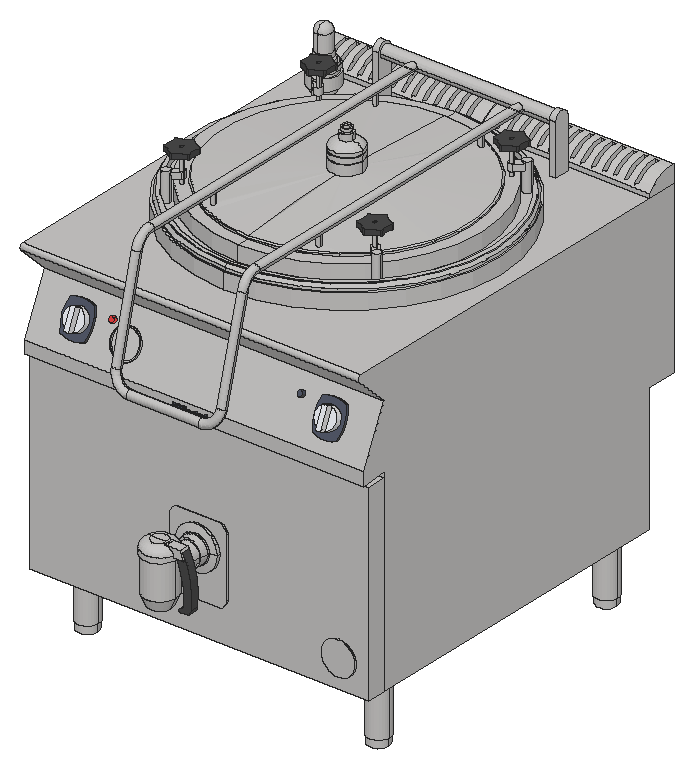
Revit family "QF_ELECTROLUXPROFESSIONAL_391108_E9BSGHDRFC", category Specialty Equipment, Revit 2018
Family settings
  Round Connector Dimension = Use Diameter
  Part Type = Normal
  Work Plane-Based = No
  Always vertical = Yes
  Cut with Voids When Loaded = No
  Shared = No
  Room Calculation Point = No
Parameters
  Width = 800 mm  # constant formula
  Weight in Pounds = 145  # constant formula
  Watts = 0 W
  Waste Water Discharge Temperature [instance] = -459.67 °F
  Volts = 230 V  # constant formula
  URL Cutsheet = "www.electrolux.com"
  URL = "www.electrolux.com"
  Type Mark [instance] = ""
  Status [instance] = ""
  Specification by User [instance] = ""
  Specification by Manufacturer = ""
  Show Logo [instance] = yes
  Show Clearance [instance] = yes
  Serial Number = ""
  Seismic Rating = ""
  SMACNA No = ""
  Revision Code [instance] = ""
  Plumbing Remarks [instance] = ""
  Plumbing Connection Type [instance] = ""
  Phase = 1
  Omniclass Number and Title = ""
  Number of Poles [instance] = 1
  NAFEM Spec ID Number = ""
  Model = "391108"
  Min Ckt Ampacity = 0 A
  Mechanical Remarks [instance] = ""
  Mechanical Connection Type [instance] = ""
  Max Overcurrent Protection = 0 A
  Masterspec = ""
  Manufacturer = "ELECTROLUX"
  Item Number [instance] = ""
  Installed By [instance] = ""
  Indirect Waste Size = 1"
  Indirect Waste Flow [instance] = 0 GPM
  Indirect Waste Connection Type [instance] = ""
  Indirect Waste Connection Height = 0 mm
  Identify Quantity as Lot [instance] = yes
  Hot Water Temperature [instance] = -459.67 °F
  Hot Water Size = 3/4"
  Hot Water RI Height [instance] = 0 mm
  Hot Water Minimum Pressure = 0.00 psi
  Hot Water Maximum Pressure = 0.00 psi
  Hot Water Flow [instance] = 0 GPM
  Hot Water Consumption = 0 GPM
  Hot Water Connection Height = 0 mm
  Height = 850 mm  # constant formula
  HP = "0.1 HP"
  Gas Size = 12.7 mm  # 1/2"
  Gas RI Height [instance] = 0 mm
  Gas KW = 24  # constant formula
  Gas Input = 23977.9 VA  # 81816.0 Btu/h
  Gas Connection Height = 0 mm
  Furnished By [instance] = ""
  Foodservice Equipment Identifier [instance] = yes
  FL Amps = if(Phase = 3, Watts / (Volts * 1.73), Watts / Volts)  # 0 A
  Electrical Remarks [instance] = "230 V/1N ph/50/60 Hz"  # constant formula
  Electric Connection Type [instance] = ""
  Elec Conn RI Height [instance] = 0 mm
  Elec Conn Connection Height [instance] = 0 mm
  Direct Waste Size = 0"
  Description = "900XP GAS CYLINDIRCAL BOILING PAN 150LT DIRECT HEAT AND AUTOCLAVE- 230 V"
  Depth = 930 mm  # constant formula
  Cycle [instance] = if([60 Hertz Option], 60 Hz, 50 Hz)  # 60 Hz
  Conn Plug = ""
  Conn Conduit = yes
  Cold Water Temperature Recommended [instance] = -459.67 °F
  Cold Water Size = 3/4"
  Cold Water RI Height [instance] = 0 mm
  Cold Water Minimum Pressure = 0.00 psi
  Cold Water Maximum Pressure = 0.00 psi
  Cold Water Flow [instance] = 0 GPM
  Cold Water Consumption = ""
  Cold Water Connection Height = 0 mm
  CSI MasterFormat = ""
  CSI Master Format = ""
  Assembly Code = ""
  Apparent Power = if(Phase = 3, Volts * FL Amps * 1.73, Volts * FL Amps)  # 0 VA
  60 Hertz Option [instance] = not([50 Hertz Option])  # yes
  50 Hertz Option [instance] = no
Reference planes
  plane 1 "BACK": y = 0
  plane 2: z = 0
  plane 3 "LEFT": x = 0
  plane 4 "RIGHT": x = 800
  plane 5 "FRONT": y = -930
  plane 6 "TOP": z = 850
  plane 7 "Center Y": x = 400
  plane 8 "Center X": y = -465
  plane 9 "Base": z = 150
  plane 10: y = -1017
  plane 11: z = 1786
  plane 12: x = 56
  plane 13: x = 744
  plane 14: x = 746
  plane 15: x = 729
  plane 16: x = 46
  plane 17: x = 151.01
  plane 18: x = 648.99
  plane 19: y = -127
  plane 20: y = -801
Forms (mm)
  Revolve 1, solid, material "QF_Finishes_Stainless Steel"
    sketch origin (1, -127, 0) x (1, 0, 0) y (0, 0, 1)
      loop
        line (55, 0) -> (55, 150) -> (28.6, 150) -> (28.6, 19.05) -> (31.1, 19.05) -> (31.1, 0) -> (55, 0)
      axis (55, 0) -> (55, 150)
    angle from 0 to 360
  Revolve 2, solid, material "QF_Finishes_Stainless Steel"
    sketch origin (1, -801, 0) x (1, 0, 0) y (0, 0, 1)
      loop
        line (55, 0) -> (55, 150) -> (28.6, 150) -> (28.6, 19.05) -> (31.1, 19.05) -> (31.1, 0) -> (55, 0)
      axis (55, 0) -> (55, 150)
    angle from 0 to 360
  Extrusion 3, solid, material "QF_Finishes_Stainless Steel"
    sketch origin (0, 0, 576.213) x (0, 1, 0) y (0, 0, 1)
      loop
        line (0, -127.212) -> (0, 273.787) -> (-922.342, 273.787)
        arc (-922.342, 273.787) -> (-929.417, 269.06) -> (-927.757, 260.714) r 7.658
        line (-927.757, 260.714) -> (-856.613, 190.57) -> (-915.31, 65.214) -> (-915.31, 33.916) -> (-855.186, 38.612)
        arc (-855.186, 38.612) -> (-852.661, 37.864) -> (-851.569, 35.468) r 3.175
        line (-851.569, 35.468) -> (-851.569, -426.212) -> (-72, -426.212) -> (-72, -127.212) -> (0, -127.212)
      loop
        line (-901, 25.858) -> (-901, -426.212) -> (-854.744, -426.212) -> (-854.744, 25.858) -> (-901, 25.858)
    from 0 to 800
  Extrusion 4, solid, material "QF_Finishes_Stainless Steel"
    sketch origin (0, -901, 557.071) x (0, 0, 1) y (-1, 0, 0)
      loop
        arc (-150.774, -353.125) -> (-156.632, -338.983) -> (-170.774, -333.125) r 20
        line (-170.774, -333.125) -> (-310.774, -333.125)
        arc (-310.774, -333.125) -> (-324.916, -338.983) -> (-330.774, -353.125) r 20
        line (-330.774, -353.125) -> (-330.774, -446.875)
        arc (-330.774, -446.875) -> (-324.916, -461.017) -> (-310.774, -466.875) r 20
        line (-310.774, -466.875) -> (-170.774, -466.875)
        arc (-170.774, -466.875) -> (-156.632, -461.017) -> (-150.774, -446.875) r 20
        line (-150.774, -446.875) -> (-150.774, -353.125)
    from 0 to 3.2
  Revolve 5, solid, material "QF_Finishes_Stainless Steel"
    sketch origin (50, -127.411, 338.218) x (1, 0, 0) y (0, 1, 0)
      loop
        line (350, -776.789) -> (350, -866.845) -> (377.31, -866.845) -> (377.31, -807.326) -> (381.52, -807.326) -> (381.52, -788.802) -> (383.56, -788.802) -> (383.56, -785.903) -> (400.479, -782.307) -> (400.479, -776.789) -> (350, -776.789)
      axis (350, -866.845) -> (350, -776.789)
    angle from 0 to 360
  Extrusion 6, solid, material "QF_Finishes_Stainless Steel"
    sketch origin (0, -901, 557.071) x (0, 0, 1) y (-1, 0, 0)
      loop
        circle (-340.2, -729.973) r 40
      loop
        circle (-280.2, -284.973) r 20
    from 0 to 1.6
  Extrusion 7, solid, material "QF_Finishes_Navy Blue"
    sketch origin (-437.256, -913.119, 646.186) x (0, 0.418102, 0.9084) y (-1, 0, 0)
      loop
        arc (102.623, -510.47) -> (67.041, -502.846) -> (31.333, -509.853) r 90.5
        arc (31.333, -509.853) -> (24.507, -539.04) -> (31.333, -568.228) r 65.817
        arc (31.333, -568.228) -> (67.048, -575.112) -> (102.64, -567.615) r 91.99
        arc (102.64, -567.615) -> (109.186, -539.041) -> (102.623, -510.47) r 65.554
      loop
        arc (102.623, -1164.043) -> (109.179, -1135.47) -> (102.623, -1106.897) r 65.546
        arc (102.623, -1106.897) -> (67.04, -1099.324) -> (31.333, -1106.284) r 91.066
        arc (31.333, -1106.284) -> (24.507, -1135.472) -> (31.333, -1164.66) r 65.817
        arc (31.333, -1164.66) -> (67.041, -1171.667) -> (102.623, -1164.043) r 90.5
    from 0 to 3.175
  Extrusion 8, solid, material "QF_Finishes_White"
    sketch origin (-58.506, -916.833, 645.711) x (0, 0.418102, 0.9084) y (-1, 0, 0)
      loop
        circle (68.826, -160.963) r 25.4
      loop
        circle (68.826, -756.049) r 25.4
    from 0 to 12.7
  Extrusion 9, solid, material "QF_Finishes_White"
    sketch origin (-58.506, -928.369, 651.021) x (0, 0.418102, 0.9084) y (-1, 0, 0)
      loop
        arc (93.558, -166.749) -> (94.226, -160.963) -> (93.558, -155.177) r 25.4
        line (93.558, -155.177) -> (44.094, -155.177)
        arc (44.094, -155.177) -> (43.426, -160.963) -> (44.094, -166.749) r 25.4
        line (44.094, -166.749) -> (93.558, -166.749)
      loop
        line (93.558, -750.263) -> (44.094, -750.263)
        arc (44.094, -750.263) -> (43.426, -756.049) -> (44.094, -761.836) r 25.4
        line (44.094, -761.836) -> (93.558, -761.836)
        arc (93.558, -761.836) -> (94.226, -756.049) -> (93.558, -750.263) r 25.4
    from 0 to 12.7
  Extrusion 10, solid, material "QF_Finishes_Red"
    sketch origin (-137.986, -902.667, 668.896) x (0, 0.418102, 0.9084) y (-1, 0, 0)
      loop
        circle (65.471, -315.169) r 6.35
    from 0 to 6
  Extrusion 11, solid, material "QF_Finishes_Navy Blue"
    sketch origin (937.986, -902.667, 668.896) x (0, 0.418102, 0.9084) y (-1, 0, 0)
      loop
        circle (65.471, 315.169) r 6.35
    from 0 to 6
  Extrusion 12, solid, material "QF_Finishes_Navy Blue", visible <- "Show Logo"
    sketch origin (61.109, -915.31, 610.773) x (0, 0, 1) y (-1, 0, 0)
      loop
        line (20.674, -296.698) -> (8.307, -296.698)
        arc (8.307, -296.698) -> (14.491, -301.27) -> (20.674, -296.698) r 6.467
      loop
        arc (20.674, -296.069) -> (19.505, -290.926) -> (14.849, -288.448) r 6.338
        line (14.849, -288.448) -> (14.849, -290.494)
        arc (14.849, -290.494) -> (16.333, -294.149) -> (19.778, -296.069) r 5.941
        line (19.778, -296.069) -> (20.674, -296.069)
      loop
        arc (9.203, -296.069) -> (12.648, -294.149) -> (14.132, -290.494) r 5.941
        line (14.132, -290.494) -> (14.132, -288.448)
        arc (14.132, -288.448) -> (9.438, -290.922) -> (8.148, -296.069) r 6.504
        line (8.148, -296.069) -> (9.203, -296.069)
      loop
        line (21.349, -287.979) -> (7.604, -287.979) -> (7.604, -301.742) -> (21.349, -301.742) -> (21.349, -287.979)
      loop
        arc (21.432, -304.71) -> (21.085, -304.352) -> (20.718, -304.69) r 0.358
        arc (20.718, -304.69) -> (20.404, -305.44) -> (19.687, -305.825) r 1.216
        line (19.687, -305.825) -> (9.274, -305.825)
        arc (9.274, -305.825) -> (8.614, -305.548) -> (8.218, -304.951) r 1.238
        arc (8.218, -304.951) -> (7.823, -304.7) -> (7.518, -305.054) r 0.358
        line (7.518, -305.054) -> (7.518, -314.933) -> (10.269, -314.933) -> (10.269, -314.036)
        arc (10.269, -314.036) -> (9.36, -313.456) -> (8.904, -312.479) r 1.928
        line (8.904, -312.479) -> (8.904, -309.98)
        arc (8.904, -309.98) -> (9.18, -309.251) -> (9.868, -308.887) r 1.101
        line (9.868, -308.887) -> (13.955, -308.887) -> (13.955, -312.561)
        arc (13.955, -312.561) -> (13.602, -313.058) -> (13.037, -313.286) r 1.083
        arc (13.037, -313.286) -> (12.773, -313.591) -> (13.065, -313.869) r 0.292
        line (13.065, -313.869) -> (16.028, -313.869)
        arc (16.028, -313.869) -> (16.33, -313.596) -> (16.092, -313.266) r 0.305
        arc (16.092, -313.266) -> (15.601, -313.018) -> (15.296, -312.561) r 1.083
        line (15.296, -312.561) -> (15.296, -308.887) -> (19.973, -308.887) -> (19.973, -312.635)
        arc (19.973, -312.635) -> (19.759, -313.39) -> (19.153, -313.888) r 1.314
        arc (19.153, -313.888) -> (18.934, -314.292) -> (19.288, -314.585) r 0.361
        line (19.288, -314.585) -> (21.432, -314.585) -> (21.432, -304.71)
      loop
        arc (20.715, -315.365) -> (20.335, -316.284) -> (19.416, -316.664) r 1.299
        line (19.416, -316.664) -> (9.837, -316.664)
        arc (9.837, -316.664) -> (8.999, -316.286) -> (8.728, -315.408) r 1.118
        line (8.728, -315.408) -> (7.518, -315.408) -> (7.518, -320.758) -> (8.706, -320.758)
        arc (8.706, -320.758) -> (8.978, -319.841) -> (9.848, -319.445) r 1.153
        line (9.848, -319.445) -> (21.92, -319.445) -> (20.715, -315.365)
      loop
        line (12.483, -323.394) -> (12.483, -329.842) -> (13.282, -329.842)
        arc (13.282, -329.842) -> (15.862, -328.857) -> (17.131, -326.404) r 3.874
        line (17.131, -326.404) -> (17.131, -324.643)
        arc (17.131, -324.643) -> (15.944, -321.778) -> (13.08, -320.592) r 4.051
        line (13.08, -320.592) -> (11.072, -320.592)
        arc (11.072, -320.592) -> (8.253, -322.077) -> (7.202, -325.084) r 4.352
        arc (7.202, -325.084) -> (7.566, -327.547) -> (8.943, -329.621) r 5.713
        line (8.943, -329.621) -> (9.892, -329.621)
        arc (9.892, -329.621) -> (9.16, -328.052) -> (8.943, -326.334) r 5.579
        arc (8.943, -326.334) -> (9.737, -324.371) -> (11.616, -323.394) r 3.057
        line (11.616, -323.394) -> (12.483, -323.394)
      loop
        line (13.742, -323.394) -> (13.742, -326.977)
        arc (13.742, -326.977) -> (15.199, -327.024) -> (16.082, -325.864) r 1.59
        line (16.082, -325.864) -> (16.082, -325.034)
        arc (16.082, -325.034) -> (15.217, -323.779) -> (13.742, -323.394) r 2.184
      loop
        arc (16.533, -339.259) -> (17.022, -337.585) -> (17.179, -335.848) r 9.023
        line (17.179, -335.848) -> (17.179, -334.486)
        arc (17.179, -334.486) -> (16.02, -331.686) -> (13.22, -330.527) r 3.959
        line (13.22, -330.527) -> (10.62, -330.527)
        arc (10.62, -330.527) -> (8.338, -331.819) -> (7.221, -334.192) r 4.331
        line (7.221, -334.192) -> (7.221, -336.327)
        arc (7.221, -336.327) -> (7.729, -337.877) -> (8.651, -339.223) r 5.772
        arc (8.651, -339.223) -> (9.412, -339.274) -> (9.499, -338.515) r 0.553
        arc (9.499, -338.515) -> (9.111, -337.781) -> (8.977, -336.962) r 2.573
        line (8.977, -336.962) -> (8.977, -335.447)
        arc (8.977, -335.447) -> (9.983, -333.806) -> (11.798, -333.163) r 2.884
        line (11.798, -333.163) -> (13.077, -333.163)
        arc (13.077, -333.163) -> (14.898, -333.723) -> (15.824, -335.388) r 2.554
        line (15.824, -335.388) -> (15.824, -336.441)
        arc (15.824, -336.441) -> (15.493, -337.369) -> (14.836, -338.104) r 2.564
        arc (14.836, -338.104) -> (14.614, -338.821) -> (15.223, -339.259) r 0.643
        line (15.223, -339.259) -> (16.533, -339.259)
      loop
        line (15.515, -339.53) -> (15.515, -341.031) -> (9.467, -341.031)
        arc (9.467, -341.031) -> (7.879, -341.688) -> (7.221, -343.276) r 2.246
        line (7.221, -343.276) -> (7.221, -344.86)
        arc (7.221, -344.86) -> (7.535, -345.725) -> (8.035, -346.496) r 4.06
        arc (8.035, -346.496) -> (8.768, -346.629) -> (9.019, -345.928) r 0.576
        arc (9.019, -345.928) -> (8.913, -345.403) -> (8.977, -344.87) r 1.69
        arc (8.977, -344.87) -> (9.519, -344.082) -> (10.425, -343.779) r 1.506
        line (10.425, -343.779) -> (15.563, -343.779) -> (15.563, -346.176) -> (16.119, -346.733) -> (16.941, -346.733) -> (16.941, -343.873) -> (20.172, -343.873) -> (15.515, -339.53)
      loop
        line (7.438, -347.63) -> (7.438, -353.017) -> (8.548, -353.017)
        arc (8.548, -353.017) -> (8.942, -352.066) -> (9.893, -351.672) r 1.345
        line (9.893, -351.672) -> (13.509, -351.672)
        arc (13.509, -351.672) -> (14.274, -352.264) -> (14.564, -353.186) r 1.615
        line (14.564, -353.186) -> (14.564, -354.742) -> (17.119, -355.427) -> (17.119, -354.044) -> (15.177, -351.485) -> (17.057, -351.485) -> (16.773, -348.779)
        arc (16.773, -348.779) -> (16.333, -348.249) -> (15.674, -348.45) r 0.621
        arc (15.674, -348.45) -> (15.274, -348.792) -> (14.78, -348.975) r 1.501
        line (14.78, -348.975) -> (9.893, -348.975)
        arc (9.893, -348.975) -> (8.942, -348.581) -> (8.548, -347.63) r 1.345
        line (8.548, -347.63) -> (7.438, -347.63)
      loop
        line (13.54, -354.964) -> (10.848, -354.964)
        arc (10.848, -354.964) -> (8.403, -356.272) -> (7.269, -358.803) r 4.288
        arc (7.269, -358.803) -> (7.205, -360.183) -> (7.269, -361.563) r 15.022
        arc (7.269, -361.563) -> (8.403, -364.094) -> (10.848, -365.401) r 4.288
        line (10.848, -365.401) -> (13.54, -365.401)
        arc (13.54, -365.401) -> (15.986, -364.094) -> (17.119, -361.563) r 4.288
        arc (17.119, -361.563) -> (17.183, -360.183) -> (17.119, -358.803) r 15.022
        arc (17.119, -358.803) -> (15.986, -356.272) -> (13.54, -354.964) r 4.288
      loop
        line (13.745, -358.078) -> (10.643, -358.078)
        arc (10.643, -358.078) -> (8.486, -360.235) -> (10.643, -362.392) r 2.157
        line (10.643, -362.392) -> (13.745, -362.392)
        arc (13.745, -362.392) -> (15.902, -360.235) -> (13.745, -358.078) r 2.157
      loop
        arc (20.726, -365.26) -> (20.355, -366.154) -> (19.461, -366.524) r 1.264
        line (19.461, -366.524) -> (9.597, -366.524)
        arc (9.597, -366.524) -> (8.727, -366.127) -> (8.455, -365.211) r 1.153
        line (8.455, -365.211) -> (7.518, -365.211) -> (7.518, -370.319) -> (8.446, -370.319)
        arc (8.446, -370.319) -> (8.805, -369.547) -> (9.597, -369.232) r 1.153
        line (9.597, -369.232) -> (21.92, -369.232) -> (20.726, -365.26)
      loop
        arc (15.846, -369.857) -> (15.647, -370.921) -> (14.678, -371.403) r 1.215
        line (14.678, -371.403) -> (9.658, -371.403)
        arc (9.658, -371.403) -> (8.043, -372.051) -> (7.322, -373.634) r 2.338
        line (7.322, -373.634) -> (7.322, -375.148)
        arc (7.322, -375.148) -> (7.497, -376.152) -> (7.999, -377.038) r 2.979
        line (7.999, -377.038) -> (7.518, -378.835) -> (7.518, -380.524) -> (16.943, -380.524) -> (16.649, -376.32) -> (15.863, -376.32)
        arc (15.863, -376.32) -> (15.507, -377.156) -> (14.755, -377.665) r 1.605
        line (14.755, -377.665) -> (9.652, -377.665)
        arc (9.652, -377.665) -> (9.232, -376.728) -> (9.159, -375.704) r 2.94
        arc (9.159, -375.704) -> (9.72, -374.603) -> (10.873, -374.16) r 1.724
        line (10.873, -374.16) -> (17.07, -374.16) -> (15.846, -369.857)
      loop
        line (16.874, -381.377) -> (15.202, -383.423) -> (12.028, -385.729) -> (8.572, -382.617)
        arc (8.572, -382.617) -> (8.335, -382.223) -> (8.357, -381.764) r 0.789
        line (8.357, -381.764) -> (7.518, -381.764) -> (7.518, -385.309) -> (8.344, -385.309)
        arc (8.344, -385.309) -> (8.686, -384.947) -> (9.176, -385.039) r 0.52
        line (9.176, -385.039) -> (10.976, -386.51) -> (8.858, -387.886)
        arc (8.858, -387.886) -> (8.457, -387.576) -> (8.37, -387.076) r 0.7
        line (8.37, -387.076) -> (7.518, -387.076) -> (7.518, -393.003) -> (8.405, -393.003)
        arc (8.405, -393.003) -> (8.472, -392.344) -> (8.866, -391.813) r 1.247
        line (8.866, -391.813) -> (13.066, -388.532) -> (15.513, -390.585) -> (16.874, -392.327) -> (16.874, -388.604) -> (15.389, -389.026) -> (13.868, -387.749) -> (15.568, -386.559) -> (16.874, -387.336) -> (16.874, -381.377)
    from 0 to 1.644
  Revolve 13, solid, material "QF_Finishes_Stainless Steel"
    sketch origin (400, -109.012, 0.687) x (0, 1, 0) y (0, 0, 1)
      loop
        line (-355.988, 849.312) -> (-355.988, 946.284)
        arc (-355.988, 946.284) -> (-500.572, 942.27) -> (-644.711, 930.241) r 2606.177
        line (-644.711, 930.241) -> (-647.488, 927.465) -> (-647.488, 924.094) -> (-676.819, 924.094) -> (-676.819, 888.437) -> (-701.151, 888.437) -> (-701.151, 902.549) -> (-710.075, 902.549) -> (-710.075, 900.745) -> (-714.988, 892.235) -> (-714.988, 886.51) -> (-719.988, 886.51) -> (-719.988, 849.312) -> (-355.988, 849.312)
      axis (-355.988, 849.312) -> (-355.988, 946.284)
    angle from 0 to 360
  Extrusion 14, solid, material "QF_Finishes_Stainless Steel"
    sketch origin (0, 0, 560.363) x (0, 1, 0) y (0, 0, 1)
      loop
        line (0, 289.638) -> (0, 331.738)
        arc (0, 331.738) -> (-38.857, 324.552) -> (-69.85, 300.038) r 82.056
        line (-69.85, 300.038) -> (-69.85, 289.638) -> (0, 289.638)
    from 0 to 400
  Extrusion 15, void
    sketch origin (0, 0, 835) x (0, -1, 0) y (1, 0, 0)
      loop
        line (6.761, 28.703) -> (63.911, 28.703) -> (63.911, 37.999) -> (6.761, 37.999) -> (6.761, 28.703)
      loop
        line (63.911, 64.487) -> (6.761, 64.487) -> (6.761, 55.191) -> (63.911, 55.191) -> (63.911, 64.487)
      loop
        line (63.911, 89.975) -> (6.761, 89.975) -> (6.761, 80.68) -> (63.911, 80.68) -> (63.911, 89.975)
      loop
        line (63.911, 115.464) -> (6.761, 115.464) -> (6.761, 106.168) -> (63.911, 106.168) -> (63.911, 115.464)
      loop
        line (63.911, 140.952) -> (6.761, 140.952) -> (6.761, 131.656) -> (63.911, 131.656) -> (63.911, 140.952)
      loop
        line (63.911, 166.44) -> (6.761, 166.44) -> (6.761, 157.145) -> (63.911, 157.145) -> (63.911, 166.44)
      loop
        line (63.911, 191.929) -> (6.761, 191.929) -> (6.761, 182.633) -> (63.911, 182.633) -> (63.911, 191.929)
      loop
        line (63.911, 217.417) -> (6.761, 217.417) -> (6.761, 208.121) -> (63.911, 208.121) -> (63.911, 217.417)
      loop
        line (63.911, 242.905) -> (6.761, 242.905) -> (6.761, 233.61) -> (63.911, 233.61) -> (63.911, 242.905)
      loop
        line (63.911, 268.394) -> (6.761, 268.394) -> (6.761, 259.098) -> (63.911, 259.098) -> (63.911, 268.394)
      loop
        line (63.911, 293.882) -> (6.761, 293.882) -> (6.761, 284.586) -> (63.911, 284.586) -> (63.911, 293.882)
      loop
        line (63.911, 319.37) -> (6.761, 319.37) -> (6.761, 310.075) -> (63.911, 310.075) -> (63.911, 319.37)
      loop
        line (63.911, 344.859) -> (6.761, 344.859) -> (6.761, 335.563) -> (63.911, 335.563) -> (63.911, 344.859)
      loop
        line (63.911, 370.347) -> (6.761, 370.347) -> (6.761, 361.051) -> (63.911, 361.051) -> (63.911, 370.347)
    from 25.4 to 63.5
  Extrusion 16, solid, material "QF_Finishes_Stainless Steel"
    sketch origin (800, 0, 560.363) x (0, 1, 0) y (0, 0, -1)
      loop
        line (0, -289.638) -> (-69.85, -289.638) -> (-69.85, -300.038)
        arc (-69.85, -300.038) -> (-38.857, -324.552) -> (0, -331.738) r 82.056
        line (0, -331.738) -> (0, -289.638)
    from 0 to 400
  Extrusion 17, void
    sketch origin (800, 0, 835) x (0, -1, 0) y (1, 0, 0)
      loop
        line (6.761, -29.703) -> (6.761, -38.999) -> (63.911, -38.999) -> (63.911, -29.703) -> (6.761, -29.703)
      loop
        line (63.911, -64.487) -> (63.911, -55.191) -> (6.761, -55.191) -> (6.761, -64.487) -> (63.911, -64.487)
      loop
        line (63.911, -89.975) -> (63.911, -80.68) -> (6.761, -80.68) -> (6.761, -89.975) -> (63.911, -89.975)
      loop
        line (63.911, -115.464) -> (63.911, -106.168) -> (6.761, -106.168) -> (6.761, -115.464) -> (63.911, -115.464)
      loop
        line (63.911, -140.952) -> (63.911, -131.656) -> (6.761, -131.656) -> (6.761, -140.952) -> (63.911, -140.952)
      loop
        line (63.911, -166.44) -> (63.911, -157.145) -> (6.761, -157.145) -> (6.761, -166.44) -> (63.911, -166.44)
      loop
        line (63.911, -191.929) -> (63.911, -182.633) -> (6.761, -182.633) -> (6.761, -191.929) -> (63.911, -191.929)
      loop
        line (63.911, -217.417) -> (63.911, -208.121) -> (6.761, -208.121) -> (6.761, -217.417) -> (63.911, -217.417)
      loop
        line (63.911, -242.905) -> (63.911, -233.61) -> (6.761, -233.61) -> (6.761, -242.905) -> (63.911, -242.905)
      loop
        line (63.911, -268.394) -> (63.911, -259.098) -> (6.761, -259.098) -> (6.761, -268.394) -> (63.911, -268.394)
      loop
        line (63.911, -293.882) -> (63.911, -284.586) -> (6.761, -284.586) -> (6.761, -293.882) -> (63.911, -293.882)
      loop
        line (63.911, -319.37) -> (63.911, -310.075) -> (6.761, -310.075) -> (6.761, -319.37) -> (63.911, -319.37)
      loop
        line (63.911, -344.859) -> (63.911, -335.563) -> (6.761, -335.563) -> (6.761, -344.859) -> (63.911, -344.859)
      loop
        line (63.911, -370.347) -> (63.911, -361.051) -> (6.761, -361.051) -> (6.761, -370.347) -> (63.911, -370.347)
    from 25.4 to 63.5
  Extrusion 18, solid, material "QF_Finishes_Stainless Steel"
    sketch origin (0, -90.262, 0) x (1, 0, 0) y (0, 1, 0)
      loop
        circle (275.084, -613.366) r 5
      loop
        circle (275.084, -135.109) r 5
      loop
        circle (524.916, -613.366) r 5
      loop
        circle (524.916, -135.109) r 5
    from 873.469 to 966.597
  Extrusion 19, solid, material "QF_Finishes_Stainless Steel"
    sketch origin (0, -653.222, 150) x (1, 0, 0) y (0, -1, 0)
      loop
        circle (746, 1.778) r 6.35
    from 0 to 13
  Extrusion 20, solid, material "QF_Finishes_Stainless Steel"
    sketch origin (0, -654.222, 150) x (1, 0, 0) y (0, -1, 0)
      loop
        circle (729, 66.778) r 6.35
    from 0 to 13
  Extrusion 21, solid, material "QF_Finishes_Stainless Steel"
    sketch origin (-673, -652.222, 150) x (1, 0, 0) y (0, -1, 0)
      loop
        circle (719, -6.222) r 9.5
      loop
        circle (719, 63.778) r 9.5
    from 0 to 13
  Extrusion 22, solid, material "QF_Clearances", visible <- "Show Clearance", detail levels coarse
    sketch origin (0, 0, 0) x (1, 0, 0) y (0, 1, 0)
      loop
        line (-50, -930) -> (0, -930) -> (0, 0) -> (800, 0) -> (800, -930) -> (850, -930) -> (850, 50) -> (-50, 50) -> (-50, -930)
    from 0 to 865.138
  Extrusion 23, solid, material "QF_Finishes_Stainless Steel"
    sketch origin (73.929, 3.488, 39.209) x (0, 1, 0) y (0, 0, 1)
      loop
        line (-86.2, 810.791) -> (-86.2, 927.861)
        arc (-86.2, 927.861) -> (-103.594, 945.255) -> (-120.988, 927.861) r 17.394
        line (-120.988, 927.861) -> (-120.988, 810.791) -> (-86.2, 810.791)
    from 527.978 to 542.561
  Extrusion 24, solid, material "QF_Finishes_Stainless Steel"
    sketch origin (0, 3.488, 37.959) x (0, 1, 0) y (0, 0, 1)
      loop
        circle (-103.594, 927.13) r 15
    from 198.093 to 601.907
  Extrusion 25, solid, material "QF_Finishes_Stainless Steel"
    sketch origin (726.071, 3.488, 39.209) x (0, 1, 0) y (0, 0, -1)
      loop
        line (-86.2, -810.791) -> (-120.988, -810.791) -> (-120.988, -927.861)
        arc (-120.988, -927.861) -> (-103.594, -945.255) -> (-86.2, -927.861) r 17.394
        line (-86.2, -927.861) -> (-86.2, -810.791)
    from 527.978 to 542.561
  Extrusion 26, solid, material "QF_Finishes_Stainless Steel"
    sketch origin (0, -858.418, 765.034) x (0, -0.418102, -0.9084) y (1, 0, 0)
      loop
        circle (73.793, 217.932) r 35
    from 0 to 3.2
  Extrusion 27, void
    sketch origin (0, -861.325, 766.372) x (0, -0.418102, -0.9084) y (1, 0, 0)
      loop
        circle (73.793, 217.932) r 33
    from 0 to -1.6
  Revolve 28, solid, material "QF_Finishes_Stainless Steel"
    sketch origin (75, 0, 0) x (0, 1, 0) y (0, 0, 1)
      loop
        line (-127, 850) -> (-127, 995.049)
        arc (-127, 995.049) -> (-139.857, 989.724) -> (-145.183, 976.867) r 18.183
        line (-145.183, 976.867) -> (-145.183, 936.198) -> (-147.515, 936.198) -> (-147.515, 925.501) -> (-152, 921.015) -> (-152, 914.56) -> (-157, 914.56) -> (-157, 909.56) -> (-160.008, 909.56) -> (-160.008, 901.432) -> (-157, 901.432) -> (-157, 892.923) -> (-162, 892.923) -> (-162, 865.138) -> (-152, 865.138) -> (-152, 850) -> (-127, 850)
      axis (-127, 850) -> (-127, 995.049)
    angle from 0 to 360
  Extrusion 29, solid, material "QF_Finishes_Stainless Steel"
    sketch origin (400, -465, 889.125) x (-1, 0, 0) y (0, -1, 0)
      loop
        circle (248.99, -222.263) r 9.5
      loop
        circle (-248.99, -222.263) r 9.5
      loop
        circle (248.99, 222.737) r 9.5
      loop
        circle (-248.99, 222.737) r 9.5
    from 0 to 65.025
  Extrusion 30, solid, material "QF_Finishes_Stainless Steel"
    sketch origin (0, 0, 0) x (1, 0, 0) y (0, 1, 0)
      loop
        line (160.29, -688.771) -> (176.792, -672.269)
        arc (176.792, -672.269) -> (176.792, -660.955) -> (165.478, -660.955) r 8
        line (165.478, -660.955) -> (148.976, -677.457)
        arc (148.976, -677.457) -> (157.728, -680.019) -> (160.29, -688.771) r 9.5
      loop
        arc (639.71, -688.771) -> (642.272, -680.019) -> (651.024, -677.457) r 9.5
        line (651.024, -677.457) -> (634.522, -660.955)
        arc (634.522, -660.955) -> (623.208, -660.955) -> (623.208, -672.269) r 8
        line (623.208, -672.269) -> (639.71, -688.771)
      loop
        arc (160.29, -240.703) -> (157.728, -249.454) -> (148.976, -252.017) r 9.5
        line (148.976, -252.017) -> (165.478, -268.519)
        arc (165.478, -268.519) -> (176.792, -268.519) -> (176.792, -257.205) r 8
        line (176.792, -257.205) -> (160.29, -240.703)
      loop
        line (639.71, -240.703) -> (623.208, -257.205)
        arc (623.208, -257.205) -> (623.208, -268.519) -> (634.522, -268.519) r 8
        line (634.522, -268.519) -> (651.024, -252.017)
        arc (651.024, -252.017) -> (642.272, -249.454) -> (639.71, -240.703) r 9.5
    from 936.198 to 951.201
  Extrusion 31, solid, material "QF_Finishes_Stainless Steel"
    sketch origin (400, -465, 924.782) x (-1, 0, 0) y (0, -1, 0)
      loop
        circle (228.323, 202.069) r 4
      loop
        circle (-228.323, 202.069) r 4
      loop
        circle (228.323, -202.069) r 4
      loop
        circle (-228.323, -202.069) r 4
    from 0 to 65.572
  Extrusion 32, solid, material "QF_Finishes_Black"
    sketch origin (0, 0, 0) x (1, 0, 0) y (0, 1, 0)
      loop
        circle (171.677, -667.069) r 4
      loop
        arc (173.74, -634.086) -> (171.677, -633.272) -> (169.615, -634.086) r 3.02
        arc (169.615, -634.086) -> (157.714, -642.903) -> (144.127, -648.797) r 65
        arc (144.127, -648.797) -> (142.401, -650.167) -> (142.077, -652.346) r 3
        arc (142.077, -652.346) -> (143.767, -667.069) -> (142.077, -681.793) r 65
        arc (142.077, -681.793) -> (142.401, -683.972) -> (144.127, -685.342) r 3
        arc (144.127, -685.342) -> (157.733, -691.247) -> (169.647, -700.083) r 65
        arc (169.647, -700.083) -> (171.677, -700.885) -> (173.708, -700.083) r 2.971
        arc (173.708, -700.083) -> (185.622, -691.247) -> (199.228, -685.342) r 65
        arc (199.228, -685.342) -> (200.954, -683.972) -> (201.278, -681.793) r 3
        arc (201.278, -681.793) -> (199.588, -667.069) -> (201.278, -652.346) r 65
        arc (201.278, -652.346) -> (200.954, -650.167) -> (199.228, -648.797) r 3
        arc (199.228, -648.797) -> (185.641, -642.903) -> (173.74, -634.086) r 65
      loop
        circle (628.323, -667.069) r 4
      loop
        arc (626.26, -634.086) -> (614.359, -642.903) -> (600.772, -648.797) r 65
        arc (600.772, -648.797) -> (599.046, -650.167) -> (598.722, -652.346) r 3
        arc (598.722, -652.346) -> (600.412, -667.069) -> (598.722, -681.793) r 65
        arc (598.722, -681.793) -> (599.046, -683.972) -> (600.772, -685.342) r 3
        arc (600.772, -685.342) -> (614.378, -691.247) -> (626.292, -700.083) r 65
        arc (626.292, -700.083) -> (628.323, -700.885) -> (630.353, -700.083) r 2.971
        arc (630.353, -700.083) -> (642.267, -691.247) -> (655.873, -685.342) r 65
        arc (655.873, -685.342) -> (657.599, -683.972) -> (657.923, -681.793) r 3
        arc (657.923, -681.793) -> (656.233, -667.069) -> (657.923, -652.346) r 65
        arc (657.923, -652.346) -> (657.599, -650.167) -> (655.873, -648.797) r 3
        arc (655.873, -648.797) -> (642.286, -642.903) -> (630.385, -634.086) r 65
        arc (630.385, -634.086) -> (628.323, -633.272) -> (626.26, -634.086) r 3.02
      loop
        circle (171.677, -262.931) r 4
      loop
        arc (173.74, -295.914) -> (185.641, -287.097) -> (199.228, -281.203) r 65
        arc (199.228, -281.203) -> (200.954, -279.833) -> (201.278, -277.654) r 3
        arc (201.278, -277.654) -> (199.588, -262.931) -> (201.278, -248.207) r 65
        arc (201.278, -248.207) -> (200.954, -246.028) -> (199.228, -244.658) r 3
        arc (199.228, -244.658) -> (185.622, -238.753) -> (173.708, -229.917) r 65
        arc (173.708, -229.917) -> (171.677, -229.115) -> (169.647, -229.917) r 2.971
        arc (169.647, -229.917) -> (157.733, -238.753) -> (144.127, -244.658) r 65
        arc (144.127, -244.658) -> (142.401, -246.028) -> (142.077, -248.207) r 3
        arc (142.077, -248.207) -> (143.767, -262.931) -> (142.077, -277.654) r 65
        arc (142.077, -277.654) -> (142.401, -279.833) -> (144.127, -281.203) r 3
        arc (144.127, -281.203) -> (157.714, -287.097) -> (169.615, -295.914) r 65
        arc (169.615, -295.914) -> (171.677, -296.728) -> (173.74, -295.914) r 3.02
      loop
        circle (628.323, -262.931) r 4
      loop
        arc (626.26, -295.914) -> (628.323, -296.728) -> (630.385, -295.914) r 3.02
        arc (630.385, -295.914) -> (642.286, -287.097) -> (655.873, -281.203) r 65
        arc (655.873, -281.203) -> (657.599, -279.833) -> (657.923, -277.654) r 3
        arc (657.923, -277.654) -> (656.233, -262.931) -> (657.923, -248.207) r 65
        arc (657.923, -248.207) -> (657.599, -246.028) -> (655.873, -244.658) r 3
        arc (655.873, -244.658) -> (642.267, -238.753) -> (630.353, -229.917) r 65
        arc (630.353, -229.917) -> (628.323, -229.115) -> (626.292, -229.917) r 2.971
        arc (626.292, -229.917) -> (614.378, -238.753) -> (600.772, -244.658) r 65
        arc (600.772, -244.658) -> (599.046, -246.028) -> (598.722, -248.207) r 3
        arc (598.722, -248.207) -> (600.412, -262.931) -> (598.722, -277.654) r 65
        arc (598.722, -277.654) -> (599.046, -279.833) -> (600.772, -281.203) r 3
        arc (600.772, -281.203) -> (614.359, -287.097) -> (626.26, -295.914) r 65
    from 990.354 to 1001.265
  Revolve 33, solid, material "QF_Finishes_Stainless Steel"
    sketch origin (50, -1017, -209.451) x (1, 0, 0) y (0, 0, 1)
      loop
        line (387.487, 584.414) -> (391.109, 584.414) -> (391.109, 596.458)
        arc (391.109, 596.458) -> (383.595, 608.72) -> (370.039, 613.521) r 21.541
        line (370.039, 613.521) -> (350, 613.521) -> (350, 475.451) -> (376.476, 475.451) -> (387.487, 500.451) -> (387.487, 584.414)
      axis (350, 475.451) -> (350, 613.521)
    angle from 0 to 360
  Extrusion 34, solid, material "QF_Finishes_Black"
    sketch origin (0, -932, 1) x (1, 0, 0) y (0, 0, 1)
      loop
        arc (462.072, 282.761) -> (458.739, 279.204) -> (454.343, 277.096) r 13.226
        arc (454.343, 277.096) -> (451.562, 273.099) -> (455.036, 269.686) r 3.774
        line (455.036, 269.686) -> (472.172, 272.033)
        arc (472.172, 272.033) -> (478.889, 276.04) -> (480.667, 283.655) r 10
        arc (480.667, 283.655) -> (479.826, 343.081) -> (460.542, 399.297) r 188.693
        line (460.542, 399.297) -> (438.183, 399.297)
        arc (438.183, 399.297) -> (458.444, 342.734) -> (462.072, 282.761) r 212.616
    from 77.064 to 92.936
  Extrusion 35, solid, material "QF_Finishes_Stainless Steel"
    sketch origin (0, -932, 1) x (1, 0, 0) y (0, 0, 1)
      loop
        line (436.837, 382.461) -> (463.876, 382.461)
        arc (463.876, 382.461) -> (461.091, 393.228) -> (456.741, 403.464) r 74.823
        line (456.741, 403.464) -> (415.663, 403.464)
        arc (415.663, 403.464) -> (428.508, 395.239) -> (436.837, 382.461) r 36.276
    from 74.362 to 95.975
  Extrusion 36, solid, material "QF_Finishes_Stainless Steel"
    sketch origin (35, -654.222, 150) x (1, 0, 0) y (0, -1, 0)
      loop
        circle (736, 61.778) r 4
    from 0 to 13
  Revolve 37, solid, material "QF_Finishes_Stainless Steel"
    sketch origin (0, -465, 13.75) x (-1, 0, 0) y (0, 0, 1)
      loop
        line (-400, 1026.597) -> (-406.853, 1026.597) -> (-406.853, 1021.597) -> (-411.853, 1021.597) -> (-411.853, 1016.597) -> (-409.619, 1016.597) -> (-409.619, 1011.597) -> (-414.619, 1011.597) -> (-414.619, 998.268)
        arc (-414.619, 998.268) -> (-427.359, 993.544) -> (-436.874, 983.845) r 31.138
        line (-436.874, 983.845) -> (-436.874, 976.783) -> (-434.664, 976.783) -> (-434.664, 973.827) -> (-436.874, 973.827) -> (-436.874, 962.824) -> (-434.664, 962.824) -> (-434.664, 959.868) -> (-436.874, 959.868) -> (-436.874, 937.193) -> (-426.874, 937.193) -> (-426.874, 920.933) -> (-400, 920.933) -> (-400, 1026.597)
      axis (-400, 920.933) -> (-400, 1026.597)
    angle from 0 to 360
  Revolve 38, solid, material "QF_Clearances", visible <- "Show Clearance", detail levels coarse
    sketch origin (400, -1057.161, 758.356) x (0, 0.207912, -0.978148) y (0, 0.978148, 0.207912)
      loop
        line (-355.988, 849.312) -> (-355.988, 946.284)
        arc (-355.988, 946.284) -> (-500.572, 942.27) -> (-644.711, 930.241) r 2606.177
        line (-644.711, 930.241) -> (-647.488, 927.465) -> (-647.488, 924.094) -> (-676.819, 924.094) -> (-676.819, 888.437) -> (-701.151, 888.437) -> (-701.151, 902.549) -> (-710.075, 902.549) -> (-710.075, 900.745) -> (-714.988, 892.235) -> (-714.988, 886.51) -> (-719.988, 886.51) -> (-719.988, 849.312) -> (-355.988, 849.312)
      axis (-355.988, 849.312) -> (-355.988, 946.284)
    angle from 0 to 360
  Extrusion 39, solid, material "QF_Clearances", visible <- "Show Clearance", detail levels coarse
    sketch origin (0, -1053.936, 739.873) x (1, 0, 0) y (0, 0.207912, -0.978148)
      loop
        circle (275.084, -613.366) r 5
      loop
        circle (275.084, -135.109) r 5
      loop
        circle (524.916, -613.366) r 5
      loop
        circle (524.916, -135.109) r 5
    from 873.469 to 966.597
  Revolve 40, solid, material "QF_Clearances", visible <- "Show Clearance", detail levels coarse
    sketch origin (0, -1118.398, 1109.28) x (-1, 0, 0) y (0, 0.978148, 0.207912)
      loop
        line (-400, 1026.597) -> (-406.853, 1026.597) -> (-406.853, 1021.597) -> (-411.853, 1021.597) -> (-411.853, 1016.597) -> (-409.619, 1016.597) -> (-409.619, 1011.597) -> (-414.619, 1011.597) -> (-414.619, 998.268)
        arc (-414.619, 998.268) -> (-427.359, 993.544) -> (-436.874, 983.845) r 31.138
        line (-436.874, 983.845) -> (-436.874, 976.783) -> (-434.664, 976.783) -> (-434.664, 973.827) -> (-436.874, 973.827) -> (-436.874, 962.824) -> (-434.664, 962.824) -> (-434.664, 959.868) -> (-436.874, 959.868) -> (-436.874, 937.193) -> (-426.874, 937.193) -> (-426.874, 920.933) -> (-400, 920.933) -> (-400, 1026.597)
      axis (-400, 920.933) -> (-400, 1026.597)
    angle from 0 to 360
  Sweep 41, solid, material "QF_Finishes_Stainless Steel"
    path in 3D
      loop
        line (275.084, -107.606, 965.089) -> (275.084, -890.935, 965.089)
        arc (275.084, -890.935, 965.089) -> (275.084, -915.286, 956.823) -> (275.084, -929.572, 935.442) r 40
        line (275.084, -929.572, 935.442) -> (275.084, -989.388, 712.205)
        spline (275.084, -989.388, 712.205) -> (275.43, -990.793, 706.963) -> (276.446, -992.161, 701.857) -> (278.128, -993.489, 696.901) -> (280.443, -994.748, 692.203) -> (283.35, -995.913, 687.854) -> (286.799, -996.967, 683.921) -> (290.734, -997.891, 680.471) -> (295.088, -998.67, 677.567) -> (299.78, -999.29, 675.252) -> (304.726, -999.74, 673.571) -> (309.84, -1000.013, 672.552) -> (315.084, -1000.106, 672.205)
        line (315.084, -1000.106, 672.205) -> (484.916, -1000.106, 672.205)
        spline (484.916, -1000.106, 672.205) -> (490.158, -1000.013, 672.551) -> (495.264, -999.741, 673.567) -> (500.22, -999.29, 675.249) -> (504.918, -998.67, 677.565) -> (509.267, -997.891, 680.471) -> (513.2, -996.967, 683.92) -> (516.65, -995.913, 687.855) -> (519.555, -994.746, 692.209) -> (521.869, -993.489, 696.901) -> (523.551, -992.164, 701.847) -> (524.57, -990.793, 706.961) -> (524.916, -989.388, 712.205)
        line (524.916, -989.388, 712.205) -> (524.916, -929.572, 935.442)
        arc (524.916, -929.572, 935.442) -> (524.916, -915.286, 956.823) -> (524.916, -890.935, 965.089) r 40
        line (524.916, -890.935, 965.089) -> (524.916, -107.606, 965.089)
    profile origin (524.916, -499.271, 965.089) x (-1, 0, 0) y (0, 0, 1)
      loop
        circle (0, 0) r 9.5
  Sweep 42, solid, material "QF_Clearances", visible <- "Show Clearance", detail levels coarse
    path in 3D
      loop
        line (275.084, -107.606, 965.089) -> (275.084, -270.469, 1731.3)
        arc (275.084, -270.469, 1731.3) -> (275.084, -283.617, 1753.4) -> (275.084, -307.502, 1762.929) r 40
        line (275.084, -307.502, 1762.929) -> (275.084, -538.322, 1775.026)
        arc (275.084, -538.322, 1775.026) -> (286.8, -566.568, 1776.497) -> (315.084, -578.268, 1777.106) r 40
        line (315.084, -578.268, 1777.106) -> (484.916, -578.268, 1777.106)
        arc (484.916, -578.268, 1777.106) -> (513.2, -566.568, 1776.497) -> (524.916, -538.322, 1775.026) r 40
        line (524.916, -538.322, 1775.026) -> (524.916, -307.502, 1762.929)
        arc (524.916, -307.502, 1762.929) -> (524.916, -283.617, 1753.4) -> (524.916, -270.469, 1731.3) r 40
        line (524.916, -270.469, 1731.3) -> (524.916, -107.606, 965.089)
    profile origin (275.084, -189.038, 1348.194) x (0, -0.978148, -0.207912) y (1, 0, 0)
      loop
        circle (0, 0) r 9.5
  Revolve 43, solid, material "QF_Finishes_Stainless Steel"
    sketch origin (799, -127, 0) x (-1, 0, 0) y (0, 0, -1)
      loop
        line (55, 0) -> (31.1, 0) -> (31.1, -19.05) -> (28.6, -19.05) -> (28.6, -150) -> (55, -150) -> (55, 0)
      axis (55, 0) -> (55, -150)
    angle from 0 to 360
  Revolve 44, solid, material "QF_Finishes_Stainless Steel"
    sketch origin (799, -801, 0) x (-1, 0, 0) y (0, 0, -1)
      loop
        line (55, 0) -> (31.1, 0) -> (31.1, -19.05) -> (28.6, -19.05) -> (28.6, -150) -> (55, -150) -> (55, 0)
      axis (55, 0) -> (55, -150)
    angle from 0 to 360
Cuts and joins
  Extrusion 15, Extrusion 17 cuts Extrusion 14
  Extrusion 17 cuts Extrusion 16
  joined: Revolve 13, Extrusion 18
  Extrusion 27 cuts Extrusion 26
Lines and regions (mm)
  Split face 1
    outline origin (217.932, -904.521, 668.693) x (0, 0.418102, 0.9084) y (-1, 0, 0)
      loop
        arc (30.715, 0.549) -> (31.427, -1.747) -> (33.785, -2.216) r 2.35
        line (33.785, -2.216) -> (38.233, -6.22) -> (39.786, -4.666) -> (35.272, -0.602)
        arc (35.272, -0.602) -> (34.573, 1.747) -> (32.164, 2.197) r 2.35
        line (32.164, 2.197) -> (12.789, 18.808)
        arc (12.789, 18.808) -> (12.314, 18.779) -> (12.329, 18.304) r 0.341
        line (12.329, 18.304) -> (30.715, 0.549)
  symbolic lines, style "QF_Clearances", visible <- "Show Clearance", detail levels coarse
    curve 1: line (850, -930, 0) -> (850, 50, 0)
    curve 2: line (850, 50, 0) -> (-50, 50, 0)
    curve 3: line (-50, 50, 0) -> (-50, -930, 0)
  symbolic lines
    curve 4: line (0, -930, 0) -> (265.584, -930, 0)
    curve 5: line (0, 0, 0) -> (0, -930, 0)
    curve 6: line (800, 0, 0) -> (0, 0, 0)
    curve 7: line (800, -930, 0) -> (800, 0, 0)
    curve 8: line (0, -69.85, 0) -> (800, -69.85, 0)
    curve 9: line (431.52, -934.772, 0) -> (431.52, -930, 0)
    curve 10: line (431.52, -934.772, 0) -> (368.48, -934.772, 0)
    curve 11: line (368.48, -934.772, 0) -> (368.48, -930, 0)
    curve 12: line (372.69, -934.772, 0) -> (372.69, -986.273, 0)
    curve 13: line (427.31, -934.772, 0) -> (427.31, -986.273, 0)
    curve 14: line (28.703, -6.761, 0) -> (37.999, -6.761, 0)
    curve 15: line (28.703, -64.885, 0) -> (28.703, -6.761, 0)
    curve 16: line (37.999, -64.885, 0) -> (28.703, -64.885, 0)
    curve 17: line (37.999, -6.761, 0) -> (37.999, -64.885, 0)
    curve 18: line (64.487, -64.885, 0) -> (55.191, -64.885, 0)
    curve 19: line (64.487, -6.761, 0) -> (64.487, -64.885, 0)
    curve 20: line (55.191, -6.761, 0) -> (64.487, -6.761, 0)
    curve 21: line (55.191, -64.885, 0) -> (55.191, -6.761, 0)
    curve 22: line (80.68, -6.761, 0) -> (89.975, -6.761, 0)
    curve 23: line (80.68, -64.885, 0) -> (80.68, -6.761, 0)
    curve 24: line (89.975, -64.885, 0) -> (80.68, -64.885, 0)
    curve 25: line (89.975, -6.761, 0) -> (89.975, -64.885, 0)
    curve 26: line (115.464, -64.885, 0) -> (106.168, -64.885, 0)
    curve 27: line (115.464, -6.761, 0) -> (115.464, -64.885, 0)
    curve 28: line (106.168, -6.761, 0) -> (115.464, -6.761, 0)
    curve 29: line (106.168, -64.885, 0) -> (106.168, -6.761, 0)
    curve 30: line (131.656, -6.761, 0) -> (140.952, -6.761, 0)
    curve 31: line (131.656, -64.885, 0) -> (131.656, -6.761, 0)
    curve 32: line (140.952, -64.885, 0) -> (131.656, -64.885, 0)
    curve 33: line (140.952, -6.761, 0) -> (140.952, -64.885, 0)
    curve 34: line (166.44, -64.885, 0) -> (157.145, -64.885, 0)
    curve 35: line (166.44, -6.761, 0) -> (166.44, -64.885, 0)
    curve 36: line (157.145, -6.761, 0) -> (166.44, -6.761, 0)
    curve 37: line (157.145, -64.885, 0) -> (157.145, -6.761, 0)
    curve 38: line (182.633, -6.761, 0) -> (191.929, -6.761, 0)
    curve 39: line (182.633, -64.885, 0) -> (182.633, -6.761, 0)
    curve 40: line (191.929, -64.885, 0) -> (182.633, -64.885, 0)
    curve 41: line (191.929, -6.761, 0) -> (191.929, -64.885, 0)
    curve 42: line (217.417, -64.885, 0) -> (208.121, -64.885, 0)
    curve 43: line (217.417, -6.761, 0) -> (217.417, -64.885, 0)
    curve 44: line (208.121, -6.761, 0) -> (217.417, -6.761, 0)
    curve 45: line (208.121, -64.885, 0) -> (208.121, -6.761, 0)
    curve 46: line (233.61, -6.761, 0) -> (242.905, -6.761, 0)
    curve 47: line (233.61, -64.885, 0) -> (233.61, -6.761, 0)
    curve 48: line (242.905, -64.885, 0) -> (233.61, -64.885, 0)
    curve 49: line (242.905, -6.761, 0) -> (242.905, -64.885, 0)
    curve 50: line (268.394, -64.885, 0) -> (259.098, -64.885, 0)
    curve 51: line (268.394, -6.761, 0) -> (268.394, -64.885, 0)
    curve 52: line (259.098, -6.761, 0) -> (268.394, -6.761, 0)
    curve 53: line (259.098, -64.885, 0) -> (259.098, -6.761, 0)
    curve 54: line (284.586, -6.761, 0) -> (293.882, -6.761, 0)
    curve 55: line (284.586, -64.885, 0) -> (284.586, -6.761, 0)
    curve 56: line (293.882, -64.885, 0) -> (284.586, -64.885, 0)
    curve 57: line (293.882, -6.761, 0) -> (293.882, -64.885, 0)
    curve 58: line (319.37, -64.885, 0) -> (310.075, -64.885, 0)
    curve 59: line (319.37, -6.761, 0) -> (319.37, -64.885, 0)
    curve 60: line (310.075, -6.761, 0) -> (319.37, -6.761, 0)
    curve 61: line (310.075, -64.885, 0) -> (310.075, -6.761, 0)
    curve 62: line (335.563, -6.761, 0) -> (344.859, -6.761, 0)
    curve 63: line (335.563, -64.885, 0) -> (335.563, -6.761, 0)
    curve 64: line (344.859, -64.885, 0) -> (335.563, -64.885, 0)
    curve 65: line (344.859, -6.761, 0) -> (344.859, -64.885, 0)
    curve 66: line (370.347, -64.885, 0) -> (361.051, -64.885, 0)
    curve 67: line (370.347, -6.761, 0) -> (370.347, -64.885, 0)
    curve 68: line (361.051, -6.761, 0) -> (370.347, -6.761, 0)
    curve 69: line (361.051, -64.885, 0) -> (361.051, -6.761, 0)
    curve 70: line (770.297, -6.761, 0) -> (761.001, -6.761, 0)
    curve 71: line (770.297, -63.911, 0) -> (770.297, -6.761, 0)
    curve 72: line (761.001, -63.911, 0) -> (770.297, -63.911, 0)
    curve 73: line (761.001, -6.761, 0) -> (761.001, -63.911, 0)
    curve 74: line (735.513, -63.911, 0) -> (744.809, -63.911, 0)
    curve 75: line (735.513, -6.761, 0) -> (735.513, -63.911, 0)
    curve 76: line (744.809, -6.761, 0) -> (735.513, -6.761, 0)
    curve 77: line (744.809, -63.911, 0) -> (744.809, -6.761, 0)
    curve 78: line (719.32, -6.761, 0) -> (710.025, -6.761, 0)
    curve 79: line (719.32, -63.911, 0) -> (719.32, -6.761, 0)
    curve 80: line (710.025, -63.911, 0) -> (719.32, -63.911, 0)
    curve 81: line (710.025, -6.761, 0) -> (710.025, -63.911, 0)
    curve 82: line (684.536, -63.911, 0) -> (693.832, -63.911, 0)
    curve 83: line (684.536, -6.761, 0) -> (684.536, -63.911, 0)
    curve 84: line (693.832, -6.761, 0) -> (684.536, -6.761, 0)
    curve 85: line (693.832, -63.911, 0) -> (693.832, -6.761, 0)
    curve 86: line (668.344, -6.761, 0) -> (659.048, -6.761, 0)
    curve 87: line (668.344, -64.885, 0) -> (668.344, -6.761, 0)
    curve 88: line (659.048, -64.885, 0) -> (668.344, -64.885, 0)
    curve 89: line (659.048, -6.761, 0) -> (659.048, -64.885, 0)
    curve 90: line (633.56, -64.885, 0) -> (642.855, -64.885, 0)
    curve 91: line (633.56, -6.761, 0) -> (633.56, -64.885, 0)
    curve 92: line (642.855, -6.761, 0) -> (633.56, -6.761, 0)
    curve 93: line (642.855, -64.885, 0) -> (642.855, -6.761, 0)
    curve 94: line (617.367, -6.761, 0) -> (608.071, -6.761, 0)
    curve 95: line (617.367, -64.885, 0) -> (617.367, -6.761, 0)
    curve 96: line (608.071, -64.885, 0) -> (617.367, -64.885, 0)
    curve 97: line (608.071, -6.761, 0) -> (608.071, -64.885, 0)
    curve 98: line (582.583, -64.885, 0) -> (591.879, -64.885, 0)
    curve 99: line (582.583, -6.761, 0) -> (582.583, -64.885, 0)
    curve 100: line (591.879, -6.761, 0) -> (582.583, -6.761, 0)
    curve 101: line (591.879, -64.885, 0) -> (591.879, -6.761, 0)
    curve 102: line (566.39, -6.761, 0) -> (557.095, -6.761, 0)
    curve 103: line (566.39, -64.885, 0) -> (566.39, -6.761, 0)
    curve 104: line (557.095, -64.885, 0) -> (566.39, -64.885, 0)
    curve 105: line (557.095, -6.761, 0) -> (557.095, -64.885, 0)
    curve 106: line (531.606, -64.885, 0) -> (540.902, -64.885, 0)
    curve 107: line (531.606, -6.761, 0) -> (531.606, -64.885, 0)
    curve 108: line (540.902, -6.761, 0) -> (531.606, -6.761, 0)
    curve 109: line (540.902, -64.885, 0) -> (540.902, -6.761, 0)
    curve 110: line (515.414, -6.761, 0) -> (506.118, -6.761, 0)
    curve 111: line (515.414, -64.885, 0) -> (515.414, -6.761, 0)
    curve 112: line (506.118, -64.885, 0) -> (515.414, -64.885, 0)
    curve 113: line (506.118, -6.761, 0) -> (506.118, -64.885, 0)
    curve 114: line (480.63, -64.885, 0) -> (489.925, -64.885, 0)
    curve 115: line (480.63, -6.761, 0) -> (480.63, -64.885, 0)
    curve 116: line (489.925, -6.761, 0) -> (480.63, -6.761, 0)
    curve 117: line (489.925, -64.885, 0) -> (489.925, -6.761, 0)
    curve 118: line (464.437, -6.761, 0) -> (455.141, -6.761, 0)
    curve 119: line (464.437, -64.885, 0) -> (464.437, -6.761, 0)
    curve 120: line (455.141, -64.885, 0) -> (464.437, -64.885, 0)
    curve 121: line (455.141, -6.761, 0) -> (455.141, -64.885, 0)
    curve 122: line (429.653, -64.885, 0) -> (438.949, -64.885, 0)
    curve 123: line (429.653, -6.761, 0) -> (429.653, -64.885, 0)
    curve 124: line (438.949, -6.761, 0) -> (429.653, -6.761, 0)
    curve 125: line (438.949, -64.885, 0) -> (438.949, -6.761, 0)
    curve 126: line (608.071, -6.761, 0) -> (608.071, -64.885, 0)
    curve 127: arc (75, -92, 0) -> (110, -127, 0) -> (75, -162, 0) r 35
    curve 128: arc (75, -162, 0) -> (40, -127, 0) -> (75, -92, 0) r 35
    curve 129: arc (75, -157, 0) -> (45, -127, 0) -> (75, -97, 0) r 30
    curve 130: arc (75, -97, 0) -> (105, -127, 0) -> (75, -157, 0) r 30
    curve 131: arc (75, -145.183, 0) -> (56.817, -127, 0) -> (75, -108.817, 0) r 18.183
    curve 132: arc (75, -108.817, 0) -> (93.183, -127, 0) -> (75, -145.183, 0) r 18.183
    curve 133: arc (75, -102, 0) -> (100, -127, 0) -> (75, -152, 0) r 25
    curve 134: arc (75, -152, 0) -> (50, -127, 0) -> (75, -102, 0) r 25
    curve 135: line (415.663, -1009.575, 0) -> (415.663, -1027.975, 0)
    curve 136: line (463.876, -1027.975, 0) -> (415.663, -1027.975, 0)
    curve 137: line (482.62, -1024.936, 0) -> (456.741, -1024.936, 0)
    curve 138: line (460.542, -1009.575, 0) -> (460.542, -1024.936, 0)
    curve 139: line (456.741, -1027.975, 0) -> (456.741, -1009.575, 0)
    curve 140: line (482.62, -1024.936, 0) -> (482.62, -1009.575, 0)
    curve 141: line (463.876, -1024.936, 0) -> (463.876, -1027.975, 0)
    curve 142: line (616.49, -82.712, 0) -> (601.907, -82.712, 0)
    curve 143: line (616.49, -117.485, 0) -> (616.49, -82.712, 0)
    curve 144: line (601.907, -117.485, 0) -> (601.907, -82.712, 0)
    curve 145: line (601.907, -117.485, 0) -> (616.49, -117.485, 0)
    curve 146: line (198.093, -115.106, 0) -> (601.907, -115.106, 0)
    curve 147: line (601.907, -85.106, 0) -> (198.093, -85.106, 0)
    curve 148: line (183.51, -82.712, 0) -> (198.093, -82.712, 0)
    curve 149: line (183.51, -117.5, 0) -> (183.51, -82.712, 0)
    curve 150: line (198.093, -117.5, 0) -> (198.093, -82.712, 0)
    curve 151: line (198.093, -117.5, 0) -> (183.51, -117.5, 0)
    curve 152: line (265.584, -115.106, 0) -> (265.584, -987.649, 0)
    curve 153: line (284.584, -115.106, 0) -> (284.584, -986.074, 0)
    curve 154: line (534.416, -115.106, 0) -> (534.416, -987.649, 0)
    curve 155: line (515.416, -115.106, 0) -> (515.416, -986.074, 0)
    curve 156: line (315.243, -1009.575, 0) -> (484.757, -1009.575, 0)
    curve 157: line (315.243, -990.531, 0) -> (484.757, -990.531, 0)
    curve 158: arc (284.584, -986.074, 0) -> (299.752, -989.411, 0) -> (315.243, -990.531, 0) r 107.695
    curve 159: arc (265.584, -987.649, 0) -> (268.609, -997.3, 0) -> (276.601, -1003.497, 0) r 16.906
    curve 160: arc (276.601, -1003.497, 0) -> (295.618, -1008.472, 0) -> (315.243, -1009.575, 0) r 98.564
    curve 161: arc (515.416, -986.074, 0) -> (500.248, -989.411, 0) -> (484.757, -990.531, 0) r 107.695
    curve 162: arc (534.416, -987.649, 0) -> (531.391, -997.3, 0) -> (523.399, -1003.497, 0) r 16.906
    curve 163: arc (523.399, -1003.497, 0) -> (504.382, -1008.472, 0) -> (484.757, -1009.575, 0) r 98.564
    curve 164: arc (359.567, -1009.575, 0) -> (390.791, -1057.065, 0) -> (439.617, -1027.975, 0) r 41.109
    curve 165: arc (431.454, -990.531, 0) -> (400, -975.891, 0) -> (368.546, -990.531, 0) r 41.109
    curve 166: arc (626.26, -634.086, 0) -> (614.359, -642.903, 0) -> (600.772, -648.797, 0) r 65
    curve 167: arc (600.772, -648.797, 0) -> (599.046, -650.167, 0) -> (598.722, -652.346, 0) r 3
    curve 168: arc (598.722, -652.346, 0) -> (600.412, -667.069, 0) -> (598.722, -681.793, 0) r 65
    curve 169: arc (598.722, -681.793, 0) -> (599.046, -683.972, 0) -> (600.772, -685.342, 0) r 3
    curve 170: arc (600.772, -685.342, 0) -> (614.378, -691.247, 0) -> (626.292, -700.083, 0) r 65
    curve 171: arc (626.292, -700.083, 0) -> (628.323, -700.885, 0) -> (630.353, -700.083, 0) r 2.971
    curve 172: arc (630.353, -700.083, 0) -> (642.267, -691.247, 0) -> (655.873, -685.342, 0) r 65
    curve 173: arc (655.873, -685.342, 0) -> (657.599, -683.972, 0) -> (657.923, -681.793, 0) r 3
    curve 174: arc (657.923, -681.793, 0) -> (656.233, -667.069, 0) -> (657.923, -652.346, 0) r 65
    curve 175: arc (657.923, -652.346, 0) -> (657.599, -650.167, 0) -> (655.873, -648.797, 0) r 3
    curve 176: arc (655.873, -648.797, 0) -> (642.286, -642.903, 0) -> (630.385, -634.086, 0) r 65
    curve 177: arc (630.385, -634.086, 0) -> (628.323, -633.272, 0) -> (626.26, -634.086, 0) r 3.02
    curve 178: arc (632.323, -667.069, 0) -> (628.323, -671.069, 0) -> (624.323, -667.069, 0) r 4
    curve 179: arc (624.323, -667.069, 0) -> (628.323, -663.069, 0) -> (632.323, -667.069, 0) r 4
    curve 180: arc (640.62, -692.231, 0) -> (653.179, -696.263, 0) -> (657.662, -683.857, 0) r 9.5
    curve 181: arc (199.228, -648.797, 0) -> (185.641, -642.903, 0) -> (173.74, -634.086, 0) r 65
    curve 182: arc (173.74, -634.086, 0) -> (171.677, -633.272, 0) -> (169.615, -634.086, 0) r 3.02
    curve 183: arc (169.615, -634.086, 0) -> (157.714, -642.903, 0) -> (144.127, -648.797, 0) r 65
    curve 184: arc (144.127, -648.797, 0) -> (142.401, -650.167, 0) -> (142.077, -652.346, 0) r 3
    curve 185: arc (142.077, -652.346, 0) -> (143.767, -667.069, 0) -> (142.077, -681.793, 0) r 65
    curve 186: arc (142.077, -681.793, 0) -> (142.401, -683.972, 0) -> (144.127, -685.342, 0) r 3
    curve 187: arc (144.127, -685.342, 0) -> (157.733, -691.247, 0) -> (169.647, -700.083, 0) r 65
    curve 188: arc (169.647, -700.083, 0) -> (171.677, -700.885, 0) -> (173.708, -700.083, 0) r 2.971
    curve 189: arc (173.708, -700.083, 0) -> (185.622, -691.247, 0) -> (199.228, -685.342, 0) r 65
    curve 190: arc (199.228, -685.342, 0) -> (200.954, -683.972, 0) -> (201.278, -681.793, 0) r 3
    curve 191: arc (201.278, -681.793, 0) -> (199.588, -667.069, 0) -> (201.278, -652.346, 0) r 65
    curve 192: arc (201.278, -652.346, 0) -> (200.954, -650.167, 0) -> (199.228, -648.797, 0) r 3
    curve 193: arc (175.677, -667.069, 0) -> (171.677, -671.069, 0) -> (167.677, -667.069, 0) r 4
    curve 194: arc (167.677, -667.069, 0) -> (171.677, -663.069, 0) -> (175.677, -667.069, 0) r 4
    curve 195: arc (142.338, -683.857, 0) -> (146.821, -696.263, 0) -> (159.38, -692.231, 0) r 9.5
    curve 196: arc (175.677, -262.931, 0) -> (171.677, -266.931, 0) -> (167.677, -262.931, 0) r 4
    curve 197: arc (167.677, -262.931, 0) -> (171.677, -258.931, 0) -> (175.677, -262.931, 0) r 4
    curve 198: arc (173.74, -295.914, 0) -> (185.641, -287.097, 0) -> (199.228, -281.203, 0) r 65
    curve 199: arc (199.228, -281.203, 0) -> (200.954, -279.833, 0) -> (201.278, -277.654, 0) r 3
    curve 200: arc (201.278, -277.654, 0) -> (199.588, -262.931, 0) -> (201.278, -248.207, 0) r 65
    curve 201: arc (201.278, -248.207, 0) -> (200.954, -246.028, 0) -> (199.228, -244.658, 0) r 3
    curve 202: arc (199.228, -244.658, 0) -> (185.622, -238.753, 0) -> (173.708, -229.917, 0) r 65
    curve 203: arc (173.708, -229.917, 0) -> (171.677, -229.115, 0) -> (169.647, -229.917, 0) r 2.971
    curve 204: arc (169.647, -229.917, 0) -> (157.733, -238.753, 0) -> (144.127, -244.658, 0) r 65
    curve 205: arc (144.127, -244.658, 0) -> (142.401, -246.028, 0) -> (142.077, -248.207, 0) r 3
    curve 206: arc (142.077, -248.207, 0) -> (143.767, -262.931, 0) -> (142.077, -277.654, 0) r 65
    curve 207: arc (142.077, -277.654, 0) -> (142.401, -279.833, 0) -> (144.127, -281.203, 0) r 3
    curve 208: arc (144.127, -281.203, 0) -> (157.714, -287.097, 0) -> (169.615, -295.914, 0) r 65
